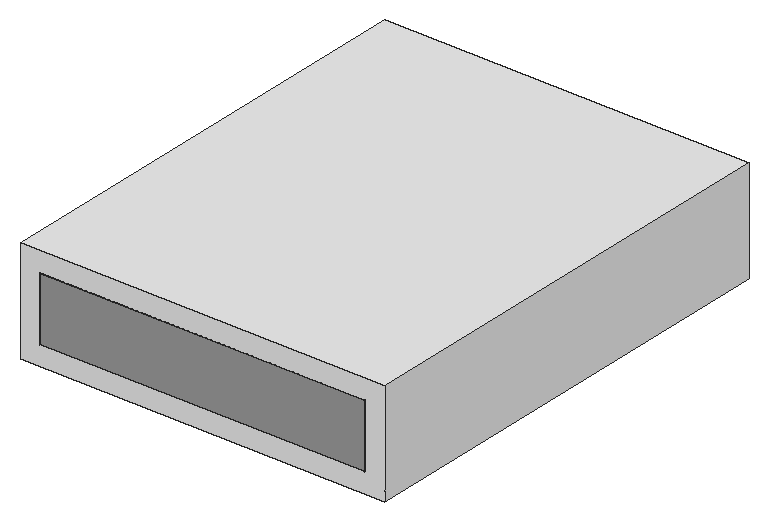
Revit family "07. Wichmann Kabelbox W120", category HLS-Bauteile, Revit 2018
Family settings
  Basisbauteil = Wand
  Bemaßung runder Anschluss = Durchmesser verwenden
  Teiletyp = Normal
  Immer vertikal = Ja
  Beim Laden mit Abzugskörper schneiden = Nein
  Gemeinsam genutzt = Nein
  Raumberechnungspunkt = Nein
Parameters (values of type "Kabelbox W120, 80x280x350 mm")
  Wandbreite [instance] = 100 mm
  Rohbauöffnung = yes
  HR = 120 mm
  HI = 50 mm
  HA = 80 mm
  HAN = "W120080280"
  BR = 320 mm
  BI = 250 mm
  BA = 280 mm
  Tbox = 350 mm
  Ah0 [instance] = 0.5 * (HR - HA)  # 20 mm
  Abo [instance] = 0.5 * (BR - BA)  # 20 mm
Types (68, lengths in mm): name | Wandbreite | HR | HI | HA | HAN | BR | BI | BA
  Kabelbox W120, 90x200x350 mm | 100 | 140 | 64 | 100 | "W120090200" | 680 | 610 | 640
  Kabelbox W120, 90x180x350 mm | 300 | 130 | 56 | 90 | "W120090180" | 220 | 150 | 180
  Kabelbox W120, 90x160x350 mm | 300 | 130 | 56 | 90 | "W120090160" | 200 | 130 | 160
  Kabelbox W120, 90x120x350 mm | 300 | 130 | 56 | 90 | "W120090120" | 160 | 90 | 120
  Kabelbox W120, 90x90x350 mm | 100 | 130 | 56 | 90 | "W120090090" | 130 | 60 | 90
  Kabelbox W120, 80x580x350 mm | 300 | 120 | 50 | 80 | "00090090" | 620 | 550 | 580
  Kabelbox W120, 80x535x350 mm | 300 | 120 | 50 | 80 | "W120080535" | 575 | 505 | 535
  Kabelbox W120, 80x480x350 mm | 300 | 120 | 50 | 80 | "W120080480" | 520 | 450 | 480
  Kabelbox W120, 80x435x350 mm | 300 | 120 | 50 | 80 | "W120080435" | 475 | 405 | 435
  Kabelbox W120, 80x380x350 mm | 300 | 120 | 50 | 80 | "W120080380" | 420 | 350 | 380
  Kabelbox W120, 80x335x350 mm | 300 | 120 | 50 | 80 | "W120080335" | 375 | 305 | 335
  Kabelbox W120, 80x280x350 mm | 100 | 120 | 50 | 80 | "W120080280" | 320 | 250 | 280
  Kabelbox W120, 80x240x350 mm | 300 | 120 | 50 | 80 | "W120080240" | 280 | 210 | 240
  Kabelbox W120, 80x200x350 mm | 300 | 120 | 50 | 80 | "W120080200" | 240 | 170 | 200
  Kabelbox W120, 80x180x350 mm | 300 | 120 | 50 | 80 | "W120080180" | 220 | 150 | 180
  Kabelbox W120, 80x160x350 mm | 300 | 120 | 50 | 80 | "W120080160" | 200 | 130 | 160
  Kabelbox W120, 80x120x350 mm | 300 | 120 | 50 | 80 | "W120080120" | 160 | 90 | 120
  Kabelbox W120, 90x535x350 mm | 300 | 130 | 56 | 90 | "W120090535" | 575 | 505 | 535
  Kabelbox W120, 90x480x350 mm | 300 | 130 | 56 | 90 | "W120090480" | 520 | 450 | 480
  Kabelbox W120, 90x435x350 mm | 300 | 130 | 56 | 90 | "W120090435" | 475 | 405 | 435
  Kabelbox W120, 90x380x350 mm | 300 | 130 | 56 | 90 | "W120090380" | 420 | 350 | 380
  Kabelbox W120, 90x335x350 mm | 300 | 130 | 56 | 90 | "W120090335" | 375 | 305 | 335
  Kabelbox W120, 90x280x350 mm | 300 | 130 | 56 | 90 | "W120090280" | 320 | 250 | 280
  Kabelbox W120, 90x240x350 mm | 300 | 130 | 56 | 90 | "W120090240" | 280 | 210 | 240
  Kabelbox W120, 80x640x350 mm | 300 | 120 | 50 | 80 | "W120080640" | 680 | 610 | 640
  Kabelbox W120, 60x580x350 mm | 300 | 100 | 33 | 60 | "W120060580" | 620 | 550 | 580
  Kabelbox W120, 60x640x350 mm | 300 | 100 | 33 | 60 | "W120060640" | 680 | 610 | 640
  Kabelbox W120, 80x90x350 mm | 300 | 120 | 50 | 80 | "W120080090" | 130 | 60 | 90
  Kabelbox W120, 90x580x350 mm | 300 | 130 | 56 | 90 | "W120090580" | 620 | 550 | 580
  Kabelbox W120, 100x120x350 mm | 300 | 140 | 64 | 100 | "W120100120" | 160 | 90 | 120
  Kabelbox W120, 100x160x350 mm | 300 | 140 | 64 | 100 | "W120100160" | 200 | 130 | 160
  Kabelbox W120, 100x180x350 mm | 300 | 140 | 64 | 100 | "W120100180" | 220 | 150 | 180
  Kabelbox W120, 100x380x350 mm | 300 | 140 | 64 | 100 | "W120100380" | 420 | 350 | 380
  Kabelbox W120, 90x640x350 mm | 300 | 130 | 56 | 90 | "W120090640" | 680 | 610 | 640
  Kabelbox W120, 100x240x350 mm | 300 | 140 | 64 | 100 | "W120100240" | 280 | 210 | 240
  Kabelbox W120, 100x200x350 mm | 300 | 140 | 64 | 100 | "W120100200" | 240 | 170 | 200
  Kabelbox W120, 100x435x350 mm | 300 | 140 | 64 | 100 | "W120100435" | 475 | 405 | 435
  Kabelbox W120, 100x335x350 mm | 300 | 140 | 64 | 100 | "W120100335\r\nW120100335\r\nW120100335" | 375 | 305 | 335
  Kabelbox W120, 100x280x350 mm | 300 | 140 | 64 | 100 | "W120100280" | 320 | 250 | 280
  Kabelbox W120, 100x580x350 mm | 300 | 140 | 64 | 100 | "W120100580" | 620 | 550 | 580
  Kabelbox W120, 100x640x350 mm | 100 | 140 | 64 | 100 | "W120100640" | 680 | 610 | 640
  Kabelbox W120, 110x120x350 mm | 300 | 150 | 70 | 110 | "W120110120" | 160 | 90 | 120
  Kabelbox W120, 100x480x350 mm | 300 | 140 | 64 | 100 | "W120100480" | 520 | 450 | 480
  Kabelbox W120, 100x535x350 mm | 300 | 140 | 64 | 100 | "W120100535" | 575 | 505 | 535
  Kabelbox W120, 110x180x350 mm | 300 | 150 | 70 | 110 | "W120110180" | 220 | 150 | 180
  Kabelbox W120, 110x160x350 mm | 300 | 150 | 70 | 110 | "W120110160" | 200 | 130 | 160
  Kabelbox W120, 110x280x350 mm | 300 | 150 | 70 | 110 | "W120110280" | 320 | 250 | 280
  Kabelbox W120, 110x240x350 mm | 300 | 150 | 70 | 110 | "W120110240" | 280 | 210 | 240
  Kabelbox W120, 110x200x350 mm | 300 | 150 | 70 | 110 | "W120110200" | 240 | 170 | 200
  Kabelbox W120, 110x435x350 mm | 300 | 150 | 70 | 110 | "W120110435" | 475 | 405 | 435
  Kabelbox W120, 110x480x350 mm | 300 | 150 | 70 | 110 | "W120110480" | 520 | 450 | 480
  Kabelbox W120, 110x535x350 mm | 300 | 150 | 70 | 110 | "W120110535" | 575 | 505 | 535
  Kabelbox W120, 110x335x350 mm | 300 | 150 | 70 | 110 | "W120110535" | 375 | 305 | 335
  Kabelbox W120, 110x380x350 mm | 300 | 150 | 70 | 110 | "W120110380" | 420 | 350 | 380
  Kabelbox W120, 110x640x350 mm | 300 | 150 | 70 | 110 | "W120110640" | 680 | 610 | 640
  Kabelbox W120, 110x580x350 mm | 300 | 150 | 70 | 110 | "W120110580" | 620 | 550 | 580
  Kabelbox W120, 60x160x350 mm | 300 | 100 | 33 | 60 | "W120060160" | 200 | 130 | 160
  Kabelbox W120, 60x120x350 mm | 300 | 100 | 33 | 60 | "W120060120" | 160 | 90 | 120
  Kabelbox W120, 60x90x350 mm | 300 | 100 | 33 | 60 | "W120060090" | 130 | 60 | 90
  Kabelbox W120, 60x240x350 mm | 300 | 100 | 33 | 60 | "W120060240" | 280 | 210 | 240
  Kabelbox W120, 60x280x350 mm | 300 | 100 | 33 | 60 | "W120060280" | 320 | 250 | 280
  Kabelbox W120, 60x335x350 mm | 300 | 100 | 33 | 60 | "W120060335" | 375 | 305 | 335
  Kabelbox W120, 60x180x350 mm | 300 | 100 | 33 | 60 | "W120060180" | 220 | 150 | 180
  Kabelbox W120, 60x200x350 mm | 300 | 100 | 33 | 60 | "W120060200" | 240 | 170 | 200
  Kabelbox W120, 60x435x350 mm | 300 | 100 | 33 | 60 | "W120060435" | 475 | 405 | 435
  Kabelbox W120, 60x380x350 mm | 300 | 100 | 33 | 60 | "W120060380" | 420 | 350 | 380
  Kabelbox W120, 60x535x350 mm | 300 | 100 | 33 | 60 | "W120060535" | 575 | 505 | 535
  Kabelbox W120, 60x480x350 mm | 300 | 100 | 33 | 60 | "W120060480" | 520 | 450 | 480
Reference planes
  plane 1 "Wand": y = 0
  plane 2 "Mitte (Links/rechts)": x = 125
  plane 3 "Hinten": y = 50
  plane 4: y = 175
  plane 5: y = -175
  plane 6: z = 2150
  plane 7 "Vorne": y = -50
  plane 8: x = -35
  plane 9: x = -15
  plane 10: x = 0
  plane 11: x = 250
  plane 12: x = 265
  plane 13: x = 285
  plane 14: z = 2210
  plane 15: z = 2190
  plane 16: z = 2175
  plane 17: z = 2125
  plane 18: z = 2110
  plane 19: z = 2090
Forms (mm)
  Extrusion 1, solid, material "Brandschutzeinlage"
    sketch origin (0, 0, 500) x (1, 0, 0) y (0, 0, 1)
      loop
        line (-15, 1690) -> (-15, 1610) -> (265, 1610) -> (265, 1690) -> (-15, 1690)
      loop
        line (0, 1675) -> (0, 1625) -> (250, 1625) -> (250, 1675) -> (0, 1675)
    from -175 to 175
  Extrusion 2, solid, material "Foam"
    sketch origin (0, 0, 500) x (1, 0, 0) y (0, 0, 1)
      loop
        line (250, 1675) -> (0, 1675) -> (0, 1625) -> (250, 1625) -> (250, 1675)
    from -175 to 175
Text (mm)
  text "Placement Side" at (-1848.837, 1116.779, 0), in view "Ref.-Ebene"
  text "Placement side" at (0, 1409.804, 2854.306), in view "Links"
  text "Placement side" at (0, 499.811, 2980.732), in view "Rechts"
Dimensions and locks
  locked: plane 3 "Hinten" to host wall
  "Tbox": plane 4 to plane 5
  "Wandbreite": plane 7 "Vorne" to plane 3 "Hinten"
  equal spacing: plane 7 "Vorne", host wall, plane 3 "Hinten"
  equal spacing: plane 8, plane 2 "Mitte (Links/rechts)", plane 13
  equal spacing: plane 9, plane 2 "Mitte (Links/rechts)", plane 12
  equal spacing: plane 10, plane 2 "Mitte (Links/rechts)", plane 11
  equal spacing: plane 16, plane 6, plane 17
  equal spacing: plane 15, plane 6, plane 18
  equal spacing: plane 14, plane 6, plane 19
  "BR": plane 8 to plane 13
  plane 6 to level = 2150 mm
  "BI": plane 10 to plane 11
  "BA": plane 9 to plane 12
  "HI": plane 16 to plane 17
  "HA": plane 15 to plane 18
  "HR": plane 14 to plane 19
  equal spacing: plane 4, plane 1 "Wand", plane 5
  aligned and locked: plane 1 "Wand" to host wall
  aligned and locked: plane 6 to nested 1
  aligned and locked: plane 2 "Mitte (Links/rechts)" to nested 1
  aligned and locked: Extrusion 1 sketch curve to plane 15
  aligned and locked: Extrusion 1 sketch curve to plane 9
  aligned and locked: plane 18 to Extrusion 1 sketch curve
  aligned and locked: plane 12 to Extrusion 1 sketch curve
  aligned and locked: Extrusion 1 sketch curve to plane 16
  aligned and locked: Extrusion 1 sketch curve to plane 10
  aligned and locked: plane 17 to Extrusion 1 sketch curve
  aligned and locked: plane 11 to Extrusion 1 sketch curve
  aligned and locked: Extrusion 1 to plane 5
  aligned and locked: plane 4 to Extrusion 1
  aligned and locked: Extrusion 2 sketch curve to Extrusion 1  (x4)
  aligned and locked: plane 4 to Extrusion 2
  aligned and locked: Extrusion 2 to plane 5
Nested families
  nested 1: "Wandöffnung rechteckig" at (0, 0, 269.554), visible <- "Rohbauöffnung", Breite Aussparung <- "BR", Höhe Aussparung <- "HR", Ab <- "Abo", Ah <- "Ah0", type "WD"
    with Vorzeichen Umkehrung -10 mm, Unterer virtueller Schnittkörper 10 mm, Tiefe Aussparung 100 mm, Oberer virtueller Schnittkörper 10 mm, Linien verdeckt Ansicht no, Linien verdeckt no, Linien ausgezogen Ansicht yes, Linien ausgezogen yes, Höhe Aussparung 120 mm, Breite Aussparung 320 mm, Aussparung verdeckt no, Aussparung undurchsichtig yes, Aussparung höhenbezogen darstellen yes, Ausklinkungsansicht (nur bei Schatten) 20 mm, Ah 20 mm, Ab 20 mm, A2 80 mm, A1 280 mm, 2D Symbol Schnitt none, 2D Symbol Grundriss none, 2D Symbol Ansicht none
Definition of nested family "Wandöffnung rechteckig"
  Parameters (values of type "WD")
    Wandbreite [instance] = 150 mm
    Oberer virtueller Schnittkörper [instance] = 10 mm
    Vorzeichen Umkehrung [instance] = -1 * Unterer virtueller Schnittkörper  # -10 mm
    Präfix Beschriftung Aussparung = "B/H/T ="
    Aussparung verdeckt [instance] = or(Oberer virtueller Schnittkörper > Höhe Aussparung / 2, Unterer virtueller Schnittkörper > Höhe Aussparung / 2)  # no
    Breite Aussparung [instance] = 1000 mm
    Aussparung undurchsichtig [instance] = not(Linien verdeckt)  # yes
    Aussparung höhenbezogen darstellen [instance] = yes
    Höhe Aussparung [instance] = 1400 mm
    Tiefe2 Aussparung [instance] = if(Durchbruch, Wandbreite, if(not(Tiefe Aussparung < Wandbreite), Wandbreite - 10 mm, Tiefe Aussparung))  # 150 mm
    Tiefe Aussparung [instance] = 100 mm
    Ausklinkung Grundriss (nur bei Schatten) [instance] = if(and(Tiefe2 Aussparung > 400 mm, Breite Aussparung > 400 mm), 80 mm, if(Tiefe2 Aussparung < Breite Aussparung, Tiefe2 Aussparung * 0.2, Breite Aussparung * 0.2))  # 30 mm
    Ausklinkungsansicht (nur bei Schatten) [instance] = Ab  # 50 mm
    Kerbenschnitt (nur bei Schatten) [instance] = if(and(Tiefe2 Aussparung > 400 mm, Höhe Aussparung > 400 mm), 80 mm, if(Tiefe2 Aussparung < Höhe Aussparung, Tiefe2 Aussparung * 0.2, Höhe Aussparung * 0.2))  # 30 mm
    Unterer virtueller Schnittkörper [instance] = 10 mm
    Linien ausgezogen Ansicht [instance] = Durchbruch  # yes
    Linien ausgezogen [instance] = not(Linien verdeckt)  # yes
    Verdeckt außerhalb Maskierung [instance] = Wandbreite < 0 mm  # no
    Linien verdeckt Ansicht [instance] = not(Durchbruch)  # no
    Linien verdeckt [instance] = and(Aussparung verdeckt, Aussparung höhenbezogen darstellen)  # no
    Durchbruch = yes
    Aussparung Tiefe2 [instance] = if(Durchbruch, Wandbreite, if(not(Tiefe Aussparung < Wandbreite), Wandbreite - 10 mm, Tiefe Aussparung))  # 150 mm
    Ah [instance] = 50 mm
    A2 [instance] = Höhe Aussparung - 2 * Ah  # 1300 mm
    A1 [instance] = Breite Aussparung - 2 * Ab  # 900 mm
    Ab [instance] = 50 mm
    2D Symbol Ansicht [instance] = Schatten gefüllt : Schatten gefüllt
    2D Symbol Schnitt [instance] = Kreuz : Kreuz
    2D Symbol Grundriss [instance] = Kreuz : Kreuz
  Reference planes
    plane 1 "Wand": y = 0
    plane 2 "Mitte (Links/rechts)": x = 125
    plane 3 "Hinten": y = 75
    plane 4: z = 1940.446
    plane 5 "Mitte (Oben/Unten)": z = 1240.446
    plane 6: z = 540.446
    plane 7: x = 625
    plane 8: x = -375
    plane 9: y = 0
    plane 10 "Vorn": y = -75
    plane 11 "Gegenüber": y = -75
    plane 12: x = 575
    plane 13: x = -325
    plane 14: z = 1890.446
    plane 15: z = 590.446
  Forms (mm)
    Extrusion 1, void
      sketch origin (0, 75, -100) x (1, 0, 0) y (0, 0, 1)
        loop
          line (625, 2040.446) -> (-375, 2040.446) -> (-375, 640.446) -> (625, 640.446) -> (625, 2040.446)
      from 0 to 150
  Text (mm)
    text "Platzierungsseite" at (-1848.837, 1116.779, 0), in view "Ref.-Ebene"
    text "Platzierungsseite" at (0, 1409.804, 2854.306), in view "Links"
    text "Platzierungsseite" at (0, 499.811, 2980.732), in view "Rechts"
  Dimensions and locks
    locked: plane 3 "Hinten" to host wall
    equal spacing: plane 8, plane 2 "Mitte (Links/rechts)", plane 7
    "Breite Aussparung": plane 8 to plane 7
    equal spacing: plane 6, plane 5 "Mitte (Oben/Unten)", plane 4
    "Höhe Aussparung": plane 6 to plane 4
    "Wandbreite": host wall to host wall
    equal spacing: plane 3 "Hinten", plane 9, plane 10 "Vorn"
    "Tiefe2 Aussparung": plane 10 "Vorn" to plane 3 "Hinten"
    "Ab": plane 8 to plane 13
    "Ab": plane 7 to plane 12
    "Ah": plane 15 to plane 6
    "Ah": plane 4 to plane 14
    aligned and locked: plane 1 "Wand" to host wall
    aligned and locked: nested 2 to plane 9
    aligned and locked: plane 10 "Vorn" to nested 2
    aligned and locked: nested 1 to plane 9
    aligned and locked: plane 4 to Extrusion 1
    aligned and locked: Extrusion 1 to plane 6
    aligned and locked: plane 8 to Extrusion 1
    aligned and locked: Extrusion 1 to plane 7
    aligned and locked: plane 10 "Vorn" to Extrusion 1
    aligned and locked: Extrusion 1 to plane 3 "Hinten"
    aligned and locked: plane 5 "Mitte (Oben/Unten)" to nested 1
    aligned and locked: plane 11 "Gegenüber" to host wall
    aligned and locked: plane 5 "Mitte (Oben/Unten)" to nested 3
    aligned and locked: plane 2 "Mitte (Links/rechts)" to nested 3
    aligned and locked: plane 5 "Mitte (Oben/Unten)" to nested 4
    aligned and locked: plane 2 "Mitte (Links/rechts)" to nested 4
    aligned and locked: plane 2 "Mitte (Links/rechts)" to nested 5
    aligned and locked: nested 5 to plane 9
    aligned and locked: plane 5 "Mitte (Oben/Unten)" to nested 6
    aligned and locked: nested 6 to host wall
  Automatic sketch dimensions
    plane 4 to Extrusion 1 sketch curve = 0 mm
    plane 8 to Extrusion 1 sketch curve = 0 mm
    Extrusion 1 sketch curve to plane 6 = 0 mm
    plane 7 to Extrusion 1 sketch curve = 0 mm
  Nested families
    nested 1: "Kreuz" at (125, 0, 1240.446) x (0, -1, 0) z (1, 0, 0), Tiefe <- "A2", Breite <- "Tiefe2 Aussparung", type <- "2D Symbol Schnitt", Wand maskieren <- "Verdeckt außerhalb Maskierung", Verdeckte Linien <- "Verdeckt außerhalb Maskierung", type "Kreuz"
      with Wand maskieren no, Verdeckte Linien no, Tiefe 1300 mm, Linien ausgezogen yes, Füllungssymbol yes, Breite 150 mm
    nested 2: "Kreuz" at (125, 0, 1240.446), Breite <- "A1", Tiefe <- "Tiefe2 Aussparung", Wand maskieren <- "Aussparung undurchsichtig", Linien ausgezogen <- "Linien ausgezogen", Verdeckte Linien <- "Linien verdeckt", type <- "2D Symbol Grundriss", type "Kreuz"
      with Wand maskieren yes, Verdeckte Linien no, Tiefe 150 mm, Linien ausgezogen yes, Füllungssymbol yes, Breite 900 mm
    nested 3: "Schatten gefüllt" at (125, 75, 1240.446) x (-1, 0, 0) z (0, -1, 0), Tiefe <- "Höhe Aussparung", Breite <- "Breite Aussparung", Wand maskieren <- "Verdeckt außerhalb Maskierung", Verdeckte Linien <- "Verdeckt außerhalb Maskierung", type <- "2D Symbol Ansicht", Ah0 <- "Ah", Ab0 <- "Ab", type "Schatten gefüllt"
      with Wand maskieren no, Verdeckte Linien no, Tiefe 1400 mm, Linien ausgezogen yes, Füllungssymbol yes, Breite 1000 mm, Ah0 50 mm, Ab0 50 mm
    nested 4: "Schatten gefüllt" at (125, -75, 1240.446) x (-1, 0, 0) z (0, -1, 0), Tiefe <- "Höhe Aussparung", Wand maskieren <- "Verdeckt außerhalb Maskierung", Füllungssymbol <- "Verdeckt außerhalb Maskierung", Linien ausgezogen <- "Linien ausgezogen Ansicht", Verdeckte Linien <- "Linien verdeckt Ansicht", Breite <- "Breite Aussparung", type <- "2D Symbol Ansicht", Ab0 <- "Ab", Ah0 <- "Ah", type "Schatten gefüllt"
      with Wand maskieren no, Verdeckte Linien no, Tiefe 1400 mm, Linien ausgezogen yes, Füllungssymbol no, Breite 1000 mm, Ah0 50 mm, Ab0 50 mm
    nested 5: "LoMoChuNhat" at (125, 0, 0), B <- "Breite Aussparung", T <- "Tiefe2 Aussparung", type "LoMoChuNhat"
      with Wand maskieren yes, Verdeckte Linien yes, T 150 mm, Linien ausgezogen yes, Füllungssymbol yes, B 1000 mm
    nested 6: "LoMoChuNhat" at (125, 0, 1240.446) x (0, 0, 1) z (1, 0, 0), B <- "Höhe Aussparung", T <- "Tiefe2 Aussparung", type "LoMoChuNhat"
      with Wand maskieren yes, Verdeckte Linien yes, T 150 mm, Linien ausgezogen yes, Füllungssymbol yes, B 1400 mm
  Definition of nested family "Kreuz"
    Parameters (values of type "Kreuz gefüllt")
      Breite [instance] = 200 mm
      Wand maskieren [instance] = yes
      Linien ausgezogen [instance] = yes
      Verdeckte Linien [instance] = yes
      Füllungssymbol [instance] = yes
      Tiefe [instance] = 100 mm
    Reference planes
      plane 1 "Mitte ( Vorne/hinten)": y = 0
      plane 2: z = 0
      plane 3 "Mitte (Links/rechts)": x = 0
      plane 4: y = 50
      plane 5: x = -100
      plane 6: x = 100
      plane 7: y = -50
    Lines and regions (mm)
      Masking region 1, in view "Ref.-Ebene", visible <- "Wand maskieren"
        outline origin (0, 0, 0) x (1, 0, 0) y (0, 1, 0)
          loop
            line (-100, -50) -> (0, 0) -> (-100, 50) -> (-100, -50)
      Masking region 2, in view "Ref.-Ebene", visible <- "Wand maskieren"
        outline origin (0, 0, 0) x (0, 1, 0) y (-1, 0, 0)
          loop
            line (-50, -100) -> (50, -100) -> (0, 0) -> (-50, -100)
      Masking region 3, in view "Ref.-Ebene", visible <- "Wand maskieren"
        outline origin (0, 0, 0) x (1, 0, 0) y (0, 1, 0)
          loop
            line (-100, 50) -> (0, 0) -> (100, 50) -> (-100, 50)
      Masking region 4, in view "Ref.-Ebene", visible <- "Wand maskieren"
        outline origin (0, 0, 0) x (0, -1, 0) y (1, 0, 0)
          loop
            line (50, -100) -> (50, 100) -> (0, 0) -> (50, -100)
      detail lines, in view "Ref.-Ebene", visible <- "Linien ausgezogen"
        curve 1: line (-100, 50, 0) -> (100, 50, 0)
        curve 2: line (-100, -50, 0) -> (-100, 50, 0)
        curve 3: line (100, -50, 0) -> (-100, -50, 0)
        curve 4: line (100, 50, 0) -> (100, -50, 0)
        curve 5: line (-100, -50, 0) -> (100, 50, 0)
        curve 6: line (-100, 50, 0) -> (100, -50, 0)
      detail lines, in view "Ref.-Ebene", visible <- "Verdeckte Linien"
        curve 7: line (-100, 50, 0) -> (100, 50, 0)
        curve 8: line (-100, -50, 0) -> (-100, 50, 0)
        curve 9: line (100, -50, 0) -> (-100, -50, 0)
        curve 10: line (100, 50, 0) -> (100, -50, 0)
        curve 11: line (-100, 50, 0) -> (100, -50, 0)
        curve 12: line (-100, -50, 0) -> (100, 50, 0)
    Dimensions and locks
      equal spacing: plane 5, plane 3 "Mitte (Links/rechts)", plane 6
      equal spacing: plane 4, plane 1 "Mitte ( Vorne/hinten)", plane 7
      "Breite": plane 5 to plane 6
      "Tiefe": plane 4 to plane 7
      aligned and locked: curve 1 to plane 4
      aligned and locked: curve 3 to plane 7
      aligned and locked: Masking region 1 sketch curve to curve 2
      aligned and locked: Masking region 1 sketch curve to curve 6
      aligned and locked: Masking region 1 sketch curve to curve 5
      aligned and locked: Masking region 2 sketch curve to plane 6
      aligned and locked: Masking region 2 sketch curve to curve 5
      aligned and locked: Masking region 2 sketch curve to curve 6
      aligned and locked: Masking region 3 sketch curve to curve 1
      aligned and locked: Masking region 3 sketch curve to curve 6
      aligned and locked: curve 5 to Masking region 3 sketch curve
      aligned and locked: plane 7 to Masking region 4 sketch curve
      aligned and locked: curve 6 to Masking region 4 sketch curve
      aligned and locked: Masking region 4 sketch curve to curve 5
      aligned and locked: plane 6 to curve 10
      aligned and locked: plane 5 to curve 8
  Definition of nested family "Schatten gefüllt"
    Parameters (values of type "Schatten gefüllt")
      Wand maskieren [instance] = yes
      Linien ausgezogen [instance] = yes
      Verdeckte Linien [instance] = no
      Ab0 [instance] = 30 mm
      Füllungssymbol [instance] = yes
      Tiefe [instance] = 100 mm
      Breite [instance] = 200 mm
      Assembly Code = ""
      Ah0 [instance] = 30 mm
    Reference planes
      plane 1 "Mitte ( Vorne/hinten)": y = 0
      plane 2: z = 0
      plane 3 "Mitte (Links/rechts)": x = 0
      plane 4: y = 50
      plane 5: x = -100
      plane 6: x = 100
      plane 7: y = -50
      plane 8: y = 20
      plane 9: x = -70
    Lines and regions (mm)
      Filled region 1, type "Schwarz", in view "Referenzebene.", visible <- "Füllungssymbol"
        outline origin (0, 0, 0) x (0, 1, 0) y (-1, 0, 0)
          loop
            line (50, -100) -> (50, 100) -> (-50, 100) -> (20, 70) -> (50, -100)
      Masking region 1, in view "Referenzebene.", visible <- "Wand maskieren"
        outline origin (0, 0, 0) x (0, 1, 0) y (-1, 0, 0)
          loop
            line (-50, -100) -> (50, -100) -> (20, 70) -> (-50, 100) -> (-50, -100)
      detail lines, in view "Referenzebene.", visible <- "Linien ausgezogen"
        curve 1: line (100, 50, 0) -> (-100, 50, 0)
        curve 2: line (100, -50, 0) -> (100, 50, 0)
        curve 3: line (-100, -50, 0) -> (100, -50, 0)
        curve 4: line (-100, 50, 0) -> (-100, -50, 0)
        curve 5: line (100, 50, 0) -> (-70, 20, 0)
        curve 6: line (-70, 20, 0) -> (-100, -50, 0)
      detail lines, in view "Referenzebene.", visible <- "Verdeckte Linien"
        curve 7: line (100, 50, 0) -> (-100, 50, 0)
        curve 8: line (100, -50, 0) -> (100, 50, 0)
        curve 9: line (-100, -50, 0) -> (100, -50, 0)
        curve 10: line (-100, 50, 0) -> (-100, -50, 0)
        curve 11: line (100, 50, 0) -> (-70, 20, 0)
        curve 12: line (-70, 20, 0) -> (-100, -50, 0)
    Dimensions and locks
      equal spacing: plane 5, plane 3 "Mitte (Links/rechts)", plane 6
      "Breite": plane 5 to plane 6
      equal spacing: plane 4, plane 1 "Mitte ( Vorne/hinten)", plane 7
      "Tiefe": plane 7 to plane 4
      "Ah0": plane 4 to plane 8
      "Ab0": plane 5 to plane 9
      aligned and locked: Masking region 1 sketch curve to curve 11
      aligned and locked: Masking region 1 sketch curve to curve 12
      aligned and locked: plane 7 to Masking region 1 sketch curve
      aligned and locked: Masking region 1 sketch curve to plane 6
      aligned and locked: Filled region 1 sketch curve to plane 5
      aligned and locked: plane 4 to Filled region 1 sketch curve
      aligned and locked: curve 4 to plane 5
      aligned and locked: curve 2 to plane 6
      aligned and locked: plane 4 to curve 1
      aligned and locked: plane 7 to curve 3
      aligned and locked: Filled region 1 sketch curve to curve 6
      aligned and locked: Filled region 1 sketch curve to curve 11
    Automatic sketch dimensions
      Masking region 1 sketch curve to plane 8 = 0 mm
      Masking region 1 sketch curve to plane 4 = 0 mm
      Masking region 1 sketch curve to plane 9 = 0 mm
      Masking region 1 sketch curve to plane 5 = 0 mm
  Definition of nested family "LoMoChuNhat"
    Parameters (values of type "LoMoChuNhat")
      B [instance] = 200 mm
      Wand maskieren [instance] = yes
      Linien ausgezogen [instance] = yes
      Verdeckte Linien [instance] = yes
      Füllungssymbol [instance] = yes
      T [instance] = 100 mm
    Reference planes
      plane 1 "Mitte ( Vorne/hinten)": y = 0
      plane 2: z = 0
      plane 3 "Mitte (Links/rechts)": x = 0
      plane 4: y = 50
      plane 5: x = -100
      plane 6: x = 100
      plane 7: y = -50
    Lines and regions (mm)
      Masking region 1, in view "Ref.-Ebene", visible <- "Wand maskieren"
        outline origin (0, 0, 0) x (1, 0, 0) y (0, 1, 0)
          loop
            line (-100, -50) -> (0, 0) -> (-100, 50) -> (-100, -50)
      Masking region 2, in view "Ref.-Ebene", visible <- "Wand maskieren"
        outline origin (0, 0, 0) x (0, 1, 0) y (-1, 0, 0)
          loop
            line (-50, -100) -> (50, -100) -> (0, 0) -> (-50, -100)
      Masking region 3, in view "Ref.-Ebene", visible <- "Wand maskieren"
        outline origin (0, 0, 0) x (1, 0, 0) y (0, 1, 0)
          loop
            line (-100, 50) -> (0, 0) -> (100, 50) -> (-100, 50)
      Masking region 4, in view "Ref.-Ebene", visible <- "Wand maskieren"
        outline origin (0, 0, 0) x (0, -1, 0) y (1, 0, 0)
          loop
            line (50, -100) -> (50, 100) -> (0, 0) -> (50, -100)
      detail lines, in view "Ref.-Ebene", visible <- "Linien ausgezogen"
        curve 1: line (-100, 50, 0) -> (100, 50, 0)
        curve 2: line (-100, -50, 0) -> (-100, 50, 0)
        curve 3: line (100, -50, 0) -> (-100, -50, 0)
        curve 4: line (100, 50, 0) -> (100, -50, 0)
      detail lines, in view "Ref.-Ebene", visible <- "Verdeckte Linien"
        curve 5: line (-100, 50, 0) -> (100, 50, 0)
        curve 6: line (-100, -50, 0) -> (-100, 50, 0)
        curve 7: line (100, -50, 0) -> (-100, -50, 0)
        curve 8: line (100, 50, 0) -> (100, -50, 0)
    Dimensions and locks
      equal spacing: plane 5, plane 3 "Mitte (Links/rechts)", plane 6
      equal spacing: plane 4, plane 1 "Mitte ( Vorne/hinten)", plane 7
      "B": plane 5 to plane 6
      "T": plane 4 to plane 7
      aligned and locked: curve 1 to plane 4
      aligned and locked: curve 3 to plane 7
      aligned and locked: Masking region 1 sketch curve to curve 2
      aligned and locked: Masking region 2 sketch curve to plane 6
      aligned and locked: Masking region 3 sketch curve to curve 1
      aligned and locked: plane 7 to Masking region 4 sketch curve
      aligned and locked: plane 6 to curve 8
      aligned and locked: plane 5 to curve 6
    Automatic sketch dimensions
      plane 1 "Mitte ( Vorne/hinten)" to Masking region 1 sketch curve = 0 mm
      plane 7 to Masking region 1 sketch curve = 0 mm
      plane 1 "Mitte ( Vorne/hinten)" to Masking region 2 sketch curve = 0 mm
      Masking region 2 sketch curve to plane 4 = 0 mm
      plane 1 "Mitte ( Vorne/hinten)" to Masking region 3 sketch curve = 0 mm
      Masking region 3 sketch curve to plane 6 = 0 mm
      plane 1 "Mitte ( Vorne/hinten)" to Masking region 4 sketch curve = 0 mm
      Masking region 4 sketch curve to plane 5 = 0 mm
      Masking region 1 sketch curve to plane 3 "Mitte (Links/rechts)" = 0 mm
      Masking region 1 sketch curve to plane 4 = 0 mm
      plane 7 to Masking region 2 sketch curve = 0 mm
      Masking region 2 sketch curve to plane 3 "Mitte (Links/rechts)" = 0 mm
      Masking region 3 sketch curve to plane 5 = 0 mm
      Masking region 3 sketch curve to plane 3 "Mitte (Links/rechts)" = 0 mm
      Masking region 4 sketch curve to plane 3 "Mitte (Links/rechts)" = 0 mm
      Masking region 4 sketch curve to plane 6 = 0 mm
